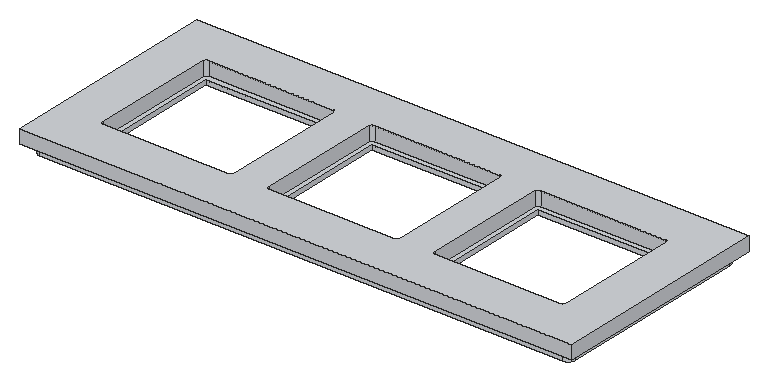
Revit family "Gira_0213126", category Electrical Fixtures, host Face, Revit 2017
Family settings
  Host = Face
  Maintain Annotation Orientation = No
  Round Connector Dimension = Use Diameter
  Part Type = Normal
  Cut with Voids When Loaded = No
  Shared = No
  Room Calculation Point = No
Parameters (values of type "Cov.fr. 3-g Gira Esprit alum.black")
  With mounting grid = "No"
  With hinged lid = "No"
  URL = "http://katalog.gira.de/en/datenblatt.html?artikelnr=0213126"
  Type of fastening = "Clamp mounting"
  Transparent = "No"
  Surface protection = "Other"
  Suitable for wall duct = "No"
  Suitable for flush-mounted installation = "Yes"
  Suitable for floor box = "No"
  Suitable for built-in installation = "No"
  Number of units vertical = "3"
  Number of units horizontal = "3"
  Number of units = "3"
  Name = "Cov.fr. 3-g Gira Esprit alum.black"
  Mounting direction = "Horizontal and vertical"
  Material quality = "Aluminium"
  Material = "Metal"
  Manufacturer URL = "https://www.gira.de/"
  Manufacturer = "Gira"
  Label space/information surface = "No"
  Keynote = ""
  HeinzeBIM = "https://bimportal.heinze.de/bim/cov-fr-3-g-gira-esprit-alum-black/0a3d5e52d92d528cecbe0eb6cd2a75645918c1b1"
  Halogen free = "No"
  HAN = "0213126"
  GTIN = "4010337109037"
  Description = "Cov.fr.3g Espr. AlBk,Gira Esprit cover frame,aluminium black,3-gang,Features:,- Anodised aluminium E 1. Colour deviations are possible."
  Degree of protection (IP) = "IP20"
  Default Elevation = 1219.2 mm
  Data sheet (1) = "https://katalog.gira.de/en/download.html?artikelnr=0213126"
  Colour = "Black"
  Category = "Cover frame for domestic switching devices"
  BIM (1) = "https://media.stage.bim.site/public/gira/36a6b08/Espr._Rahmen_3fach.rfa"
  Available = "No"
Reference planes
  plane 1 "Center (Front/Back)": y = 0
  plane 2: z = 0
  plane 3 "Center (Left/Right)": x = 0
Forms (mm)
  Extrusion 1, solid, detail levels fine
    sketch origin (0, 0, 0) x (1, 0, 0) y (0, 1, 0)
      loop
        line (-118.4, 47.5) -> (-118.4, -47.5) -> (118.4, -47.5) -> (118.4, 47.5) -> (-118.4, 47.5)
      loop
        arc (-99.5, -26.7) -> (-99.061, -27.761) -> (-98, -28.2) r 1.5
        line (-98, -28.2) -> (-44.6, -28.2)
        arc (-44.6, -28.2) -> (-43.539, -27.761) -> (-43.1, -26.7) r 1.5
        line (-43.1, -26.7) -> (-43.1, 26.7)
        arc (-43.1, 26.7) -> (-43.539, 27.761) -> (-44.6, 28.2) r 1.5
        line (-44.6, 28.2) -> (-98, 28.2)
        arc (-98, 28.2) -> (-99.061, 27.761) -> (-99.5, 26.7) r 1.5
        line (-99.5, 26.7) -> (-99.5, -26.7)
      loop
        arc (-28.2, -26.7) -> (-27.761, -27.761) -> (-26.7, -28.2) r 1.5
        line (-26.7, -28.2) -> (26.7, -28.2)
        arc (26.7, -28.2) -> (27.761, -27.761) -> (28.2, -26.7) r 1.5
        line (28.2, -26.7) -> (28.2, 26.7)
        arc (28.2, 26.7) -> (27.761, 27.761) -> (26.7, 28.2) r 1.5
        line (26.7, 28.2) -> (-26.7, 28.2)
        arc (-26.7, 28.2) -> (-27.761, 27.761) -> (-28.2, 26.7) r 1.5
        line (-28.2, 26.7) -> (-28.2, -26.7)
      loop
        arc (43.1, -26.7) -> (43.539, -27.761) -> (44.6, -28.2) r 1.5
        line (44.6, -28.2) -> (98, -28.2)
        arc (98, -28.2) -> (99.061, -27.761) -> (99.5, -26.7) r 1.5
        line (99.5, -26.7) -> (99.5, 26.7)
        arc (99.5, 26.7) -> (99.061, 27.761) -> (98, 28.2) r 1.5
        line (98, 28.2) -> (44.6, 28.2)
        arc (44.6, 28.2) -> (43.539, 27.761) -> (43.1, 26.7) r 1.5
        line (43.1, 26.7) -> (43.1, -26.7)
    from 0 to 6
  Extrusion 2, solid, detail levels fine
    sketch origin (0, 0, 0) x (1, 0, 0) y (0, 1, 0)
      loop
        line (-97.2, -25.7) -> (-45.4, -25.7) -> (-45.4, 25.7) -> (-97.2, 25.7) -> (-97.2, -25.7)
      loop
        line (97.2, 25.7) -> (45.4, 25.7) -> (45.4, -25.7) -> (97.2, -25.7) -> (97.2, 25.7)
      loop
        arc (-114.002, -41.3) -> (-113.474, -42.573) -> (-112.202, -43.1) r 1.8
        line (-112.202, -43.1) -> (112.202, -43.1)
        arc (112.202, -43.1) -> (113.474, -42.573) -> (114.002, -41.3) r 1.8
        line (114.002, -41.3) -> (114.002, 41.3)
        arc (114.002, 41.3) -> (113.474, 42.573) -> (112.202, 43.1) r 1.8
        line (112.202, 43.1) -> (-112.202, 43.1)
        arc (-112.202, 43.1) -> (-113.474, 42.573) -> (-114.002, 41.3) r 1.8
        line (-114.002, 41.3) -> (-114.002, -41.3)
      loop
        line (25.9, 25.7) -> (-25.9, 25.7) -> (-25.9, -25.7) -> (25.9, -25.7) -> (25.9, 25.7)
    from -1.9 to 0
  Extrusion 3, solid, detail levels fine
    sketch origin (0, 0, 0) x (1, 0, 0) y (0, 1, 0)
      loop
        arc (-112.3, 44.4) -> (-114.421, 43.521) -> (-115.3, 41.4) r 3
        line (-115.3, 41.4) -> (-115.3, -41.4)
        arc (-115.3, -41.4) -> (-114.421, -43.521) -> (-112.3, -44.4) r 3
        line (-112.3, -44.4) -> (112.3, -44.4)
        arc (112.3, -44.4) -> (114.421, -43.521) -> (115.3, -41.4) r 3
        line (115.3, -41.4) -> (115.3, 41.4)
        arc (115.3, 41.4) -> (114.421, 43.521) -> (112.3, 44.4) r 3
        line (112.3, 44.4) -> (-112.3, 44.4)
      loop
        arc (-114.1, -41.4) -> (-113.573, -42.673) -> (-112.3, -43.2) r 1.8
        line (-112.3, -43.2) -> (112.3, -43.2)
        arc (112.3, -43.2) -> (113.573, -42.673) -> (114.1, -41.4) r 1.8
        line (114.1, -41.4) -> (114.1, 41.4)
        arc (114.1, 41.4) -> (113.573, 42.673) -> (112.3, 43.2) r 1.8
        line (112.3, 43.2) -> (-112.3, 43.2)
        arc (-112.3, 43.2) -> (-113.573, 42.673) -> (-114.1, 41.4) r 1.8
        line (-114.1, 41.4) -> (-114.1, -41.4)
    from -3.7 to 0
  Extrusion 4, solid, detail levels medium
    sketch origin (0, 0, 0) x (1, 0, 0) y (0, 1, 0)
      loop
        line (-118.4, 47.5) -> (-118.4, -47.5) -> (118.4, -47.5) -> (118.4, 47.5) -> (-118.4, 47.5)
    from 0 to 6
  Extrusion 5, solid, detail levels medium
    sketch origin (0, 0, 0) x (1, 0, 0) y (0, 1, 0)
      loop
        line (-115.3, 44.4) -> (-115.3, -44.4) -> (115.3, -44.4) -> (115.3, 44.4) -> (-115.3, 44.4)
    from -3.7 to 0
  Extrusion 6, solid, detail levels coarse
    sketch origin (0, 0, 0) x (1, 0, 0) y (0, 1, 0)
      loop
        line (-118.4, 47.5) -> (-118.4, -47.5) -> (118.4, -47.5) -> (118.4, 47.5) -> (-118.4, 47.5)
    from -3.7 to 6
Dimensions and locks
  aligned and locked: plane 2 to host face
  aligned and locked: level to host face
